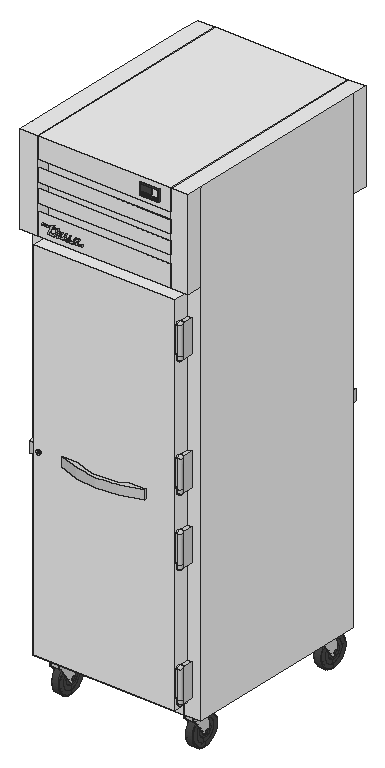
Revit family
Parameters
  Weight in Pounds = 0
  Watts = 1500 W
  Volts = 208 V
  URL Cutsheet = "www.truemfg.com"
  URL = "www.truemfg.com"
  Type Mark [instance] = ""
  Type Comments = ""
  Status [instance] = ""
  Specification by User [instance] = ""
  Specification by Manufacturer = ""
  Show Seismic Flanged [instance] = no
  Show Logo [instance] = yes
  Show Legs [instance] = no
  Show Clearance [instance] = yes
  Serial Number = ""
  Seismic Rating = ""
  Seismic Plate [instance] = and(Show Seismic Flanged, not(Show Casters))  # no
  SMACNA No = ""
  Revision Code [instance] = ""
  Phase = 1
  Omniclass Number and Title = ""
  Number of Poles [instance] = 1
  NAFEM Spec ID Number = ""
  Model = "STR1HPT-1S-1S"
  Min Ckt Ampacity = 0 A
  Max Overcurrent Protection = 0 A
  Masterspec = ""
  Manufacturer = "TRUE FOOD SERVICE EQUIPMENT, INC."
  Length = 27 1/2"
  Legs [instance] = or(Show Legs, Show Seismic Flanged)  # no
  Item Number [instance] = ""
  Installed By [instance] = ""
  Identify Quantity as Lot [instance] = yes
  Height = 77 3/4"
  HP = ""
  Furnished By [instance] = ""
  Foodservice Equipment Identifier [instance] = yes
  FL Amps = Watts / Volts  # 7.21154 A
  Electrical Remarks [instance] = ""
  Electric Connection Type [instance] = ""
  Elec Conn RI Height [instance] = 0"
  Elec Conn Connection Height [instance] = 0"
  Description = "Pass-thru Solid Front /Solid Rear Swing Door Heated Cabinet"
  Depth = 36 1/2"
  Cycle = 60 Hz
  Conn Plug = "5-15P"
  Conn Conduit = yes
  Show Casters [instance] = and(not(if(Show Legs, Show Legs, Show Legs)), not(if(Show Legs, Show Legs, Show Seismic Flanged)))  # yes
  CSI MasterFormat = ""
  CSI Master Format = ""
  Apparent Power = if(Phase = 3, Volts * FL Amps * 1.73, Volts * FL Amps)  # 1500 VA
Reference planes (in)
  plane 1: z = 0
  plane 2 "LEFT": x = 0
  plane 3 "RIGHT": x = 27.5
  plane 4 "FRONT": y = -33.75
  plane 5 "TOP": z = 84.125
  plane 6: z = 6.125
  plane 7: y = 2.75
Forms (in)
  Extrusion 1, solid, material "QF_Finishes_Chrome - Satin"
    sketch origin (0.05, 0, 0) x (1, 0, 0) y (0, 1, 0)
      loop
        line (-0.05, 0) -> (-0.05, -31) -> (2.80938, -31) -> (2.80938, 0) -> (-0.05, 0)
    from 6.125 to 84.125
  Extrusion 2, solid, material "QF_Finishes_Chrome - Satin"
    sketch origin (50.15, 0, 0) x (1, 0, 0) y (0, 1, 0)
      loop
        line (-25.50937, 0) -> (-25.50937, -31) -> (-22.65, -31) -> (-22.65, 0) -> (-25.50937, 0)
    from 6.125 to 84.125
  Extrusion 3, solid, material "QF_Finishes_Chrome - Satin"
    sketch origin (0, 0, 0) x (0, 1, 0) y (0, 0, 1)
      loop
        line (-33.5625, 69.5) -> (-31, 69.5) -> (-31, 64.875) -> (0, 64.875) -> (0, 69.5) -> (2.5625, 69.5) -> (2.5625, 73.1597) -> (0.49784, 71.69166) -> (0.49784, 72.96723) -> (2.5625, 74.43527) -> (2.5625, 76.53148) -> (0.49784, 75.06344) -> (0.49784, 76.0242) -> (2.5625, 77.49224) -> (2.5625, 79.62595) -> (0.49784, 78.15791) -> (0.49784, 79.28018) -> (2.5625, 80.74822) -> (2.5625, 84.125) -> (-33.5625, 84.125) -> (-33.5625, 80.68002) -> (-31.5, 79.21352) -> (-31.5, 78.09125) -> (-33.5625, 79.55776) -> (-33.5625, 77.42405) -> (-31.5, 75.95754) -> (-31.5, 74.99678) -> (-33.5625, 76.46328) -> (-33.5625, 74.36708) -> (-31.5, 72.90057) -> (-31.5, 71.625) -> (-33.5625, 73.09151) -> (-33.5625, 69.5)
      loop
        line (-31, 6.125) -> (0, 6.125) -> (0, 8.94743) -> (-31, 8.94743) -> (-31, 6.125)
    from 2.85938 to 24.64062
  Extrusion 4, solid, material "QF_Finishes_Chrome - Satin"
    sketch origin (0, 0, 0) x (1, 0, 0) y (0, 1, 0)
      loop
        line (27.45312, -31) -> (24.64062, -31) -> (24.64062, -33.5625) -> (27.45312, -33.5625) -> (27.45312, -31)
    from 69.5 to 84.125
  Extrusion 5, solid, material "QF_Finishes_Chrome - Satin"
    sketch origin (-50.125, 0, 0.25) x (1, 0, 0) y (0, 1, 0)
      loop
        line (52.98437, -31) -> (50.17188, -31) -> (50.17188, -33.5625) -> (52.98437, -33.5625) -> (52.98437, -31)
    from 69.25 to 83.875
  Extrusion 6, solid, material "QF_Finishes_Handrails and Railings", visible <- "Show Logo"
    sketch origin (0.33478, 1.08173, -6.73143) x (1, 0, 0) y (0, 0, 1)
      loop
        line (3.46044, 78.46231) -> (3.35478, 78.23573) -> (4.76027, 78.23573)
        arc (4.76027, 78.23573) -> (4.78879, 78.18528) -> (4.76027, 78.13484) r 0.05887
        line (4.76027, 78.13484) -> (4.39369, 77.34872)
        arc (4.39369, 77.34872) -> (4.39051, 77.27591) -> (4.43975, 77.22217) r 0.09523
        line (4.43975, 77.22217) -> (5.33844, 77.22217)
        arc (5.33844, 77.22217) -> (5.45192, 77.25795) -> (5.52436, 77.35235) r 0.19785
        line (5.52436, 77.35235) -> (5.81285, 77.97101) -> (6.0779, 77.97101)
        arc (6.0779, 77.97101) -> (6.14744, 77.94543) -> (6.13737, 77.87203) r 0.05911
        line (6.13737, 77.87203) -> (5.89598, 77.35437)
        arc (5.89598, 77.35437) -> (5.89974, 77.2684) -> (5.97231, 77.22217) r 0.09318
        line (5.97231, 77.22217) -> (6.76198, 77.22217)
        arc (6.76198, 77.22217) -> (6.82249, 77.24419) -> (6.85468, 77.29995) r 0.09412
        arc (6.85468, 77.29995) -> (6.87746, 77.24495) -> (6.93246, 77.22217) r 0.07778
        line (6.93246, 77.22217) -> (7.43246, 77.22217)
        arc (7.43246, 77.22217) -> (7.49022, 77.23765) -> (7.53251, 77.27993) r 0.11552
        arc (7.53251, 77.27993) -> (7.55275, 77.23106) -> (7.60162, 77.21081) r 0.06912
        line (7.60162, 77.21081) -> (8.31225, 77.21081)
        arc (8.31225, 77.21081) -> (8.37034, 77.23488) -> (8.39441, 77.29297) r 0.08216
        arc (8.39441, 77.29297) -> (8.44767, 77.23972) -> (8.52042, 77.22022) r 0.14551
        line (8.52042, 77.22022) -> (9.85158, 77.22022) -> (9.99946, 77.47634) -> (8.65678, 77.47634)
        arc (8.65678, 77.47634) -> (8.61972, 77.50204) -> (8.61834, 77.54711) r 0.05009
        line (8.61834, 77.54711) -> (8.64157, 77.59692)
        arc (8.64157, 77.59692) -> (8.67723, 77.64364) -> (8.73327, 77.66135) r 0.09747
        line (8.73327, 77.66135) -> (9.16485, 77.66135)
        arc (9.16485, 77.66135) -> (9.258, 77.68631) -> (9.32619, 77.7545) r 0.1863
        line (9.32619, 77.7545) -> (9.45119, 77.97101)
        arc (9.45119, 77.97101) -> (9.45119, 78.08657) -> (9.35111, 78.14434) r 0.11556
        line (9.35111, 78.14434) -> (8.89562, 78.14434)
        arc (8.89562, 78.14434) -> (8.7795, 78.12462) -> (8.69849, 78.03912) r 0.18605
        line (8.69849, 78.03912) -> (8.48204, 77.57493)
        arc (8.48204, 77.57493) -> (8.41815, 77.49167) -> (8.31806, 77.46011) r 0.1745
        line (8.31806, 77.46011) -> (7.84559, 77.46011)
        arc (7.84559, 77.46011) -> (7.78903, 77.52184) -> (7.79268, 77.60548) r 0.10939
        line (7.79268, 77.60548) -> (8.04395, 78.14434) -> (7.88403, 78.14434) -> (7.61781, 77.57344)
        arc (7.61781, 77.57344) -> (7.56609, 77.50603) -> (7.48505, 77.48048) r 0.14128
        line (7.48505, 77.48048) -> (7.15925, 77.48048)
        arc (7.15925, 77.48048) -> (7.10419, 77.55223) -> (7.116, 77.64189) r 0.11816
        line (7.116, 77.64189) -> (7.3503, 78.14434) -> (7.18514, 78.14434) -> (6.91546, 77.566)
        arc (6.91546, 77.566) -> (6.85285, 77.50339) -> (6.76733, 77.48048) r 0.17104
        line (6.76733, 77.48048) -> (6.29555, 77.48048)
        arc (6.29555, 77.48048) -> (6.21082, 77.51999) -> (6.20267, 77.61313) r 0.0935
        line (6.20267, 77.61313) -> (6.35774, 77.94569) -> (6.57695, 77.94569)
        arc (6.57695, 77.94569) -> (6.61395, 78.05717) -> (6.69267, 78.14434) r 0.2857
        line (6.69267, 78.14434) -> (5.83605, 78.14434)
        arc (5.83605, 78.14434) -> (5.74086, 78.12324) -> (5.67498, 78.05135) r 0.16212
        line (5.67498, 78.05135) -> (5.44279, 77.55341)
        arc (5.44279, 77.55341) -> (5.3894, 77.50002) -> (5.31647, 77.48048) r 0.14586
        line (5.31647, 77.48048) -> (4.80506, 77.48048)
        arc (4.80506, 77.48048) -> (4.76514, 77.53442) -> (4.77274, 77.60109) r 0.09155
        line (4.77274, 77.60109) -> (5.11018, 78.23573) -> (5.96155, 78.23573) -> (6.06721, 78.46231) -> (5.21584, 78.46231) -> (5.32149, 78.68888) -> (5.01862, 78.68888) -> (4.91297, 78.46231) -> (3.46044, 78.46231)
      loop
        arc (8.83805, 77.93863) -> (8.80119, 77.92875) -> (8.7742, 77.90176) r 0.07373
        line (8.7742, 77.90176) -> (8.75229, 77.83436)
        arc (8.75229, 77.83436) -> (8.76245, 77.80983) -> (8.78699, 77.79966) r 0.0347
        line (8.78699, 77.79966) -> (9.15948, 77.79966)
        arc (9.15948, 77.79966) -> (9.18632, 77.80561) -> (9.20812, 77.82234) r 0.0635
        line (9.20812, 77.82234) -> (9.22624, 77.90622)
        arc (9.22624, 77.90622) -> (9.22091, 77.92868) -> (9.20009, 77.93863) r 0.02676
        line (9.20009, 77.93863) -> (8.83805, 77.93863)
    from 34.64423 to 34.83173
  Extrusion 7, solid
    sketch origin (-25.125, 2.6875, 0) x (1, 0, 0) y (0, 0, 1)
      loop
        circle (49.375, 82) r 0.25
    from 0.23221 to 0.125
  Blend 8, solid, material "QF_Finishes_Handrails and Railings"
    base sketch origin (27.53125, 0.1875, -0.03527) x (-1, 0, 0) y (0, 0, -1)
      loop
        line (25.25, -38.99169) -> (26, -38.99169) -> (26, -37.24169) -> (25.25, -37.24169) -> (25.25, -38.99169)
    top sketch origin (27.53125, 0.1875, -0.03527) x (-1, 0, 0) y (0, 0, -1)
      loop
        line (26.18223, -36.6441) -> (25.25, -36.6441) -> (25.25, -39.42643) -> (26.18223, -39.42643) -> (26.18223, -36.6441)
    from 33.57883 to 31.1875
  Extrusion 9, solid, material "QF_Finishes_Handrails and Railings"
    sketch origin (26.21875, 0.1875, 0) x (0, 1, 0) y (0, 0, -1)
      loop
        line (-31.1875, -64.55229) -> (-31.1875, -59.23627) -> (-33.25, -59.23627) -> (-33.25, -59.94848) -> (-32.81497, -59.94848) -> (-32.81497, -64.34776)
        arc (-32.81497, -64.34776) -> (-32.75506, -64.49238) -> (-32.61044, -64.55229) r 0.20453
        line (-32.61044, -64.55229) -> (-31.1875, -64.55229)
    from 0.17506 to 1
  Revolve 10, solid, material "QF_Finishes_Handrails and Railings"
    sketch origin (25.71875, 0.1875, 0) x (0, 1, 0) y (0, 0, -1)
      loop
        line (-33.26563, -60.00189) -> (-33.67229, -60.00189) -> (-33.67229, -64.4736)
        arc (-33.67229, -64.4736) -> (-33.53722, -64.72557) -> (-33.26563, -64.81483) r 0.3848
        line (-33.26563, -64.81483) -> (-33.26563, -60.00189)
      loop
        line (-33.26563, -59.94848) -> (-33.26563, -59.04781)
        arc (-33.26563, -59.04781) -> (-33.53264, -59.13383) -> (-33.67229, -59.37712) r 0.38884
        line (-33.67229, -59.37712) -> (-33.67229, -59.94848) -> (-33.26563, -59.94848)
      axis (-33.26563, -59.04781) -> (-33.26563, -64.81483)
    angle from 0 to 360
  Extrusion 11, solid, material "QF_Finishes_Handrails and Railings"
    sketch origin (27.53125, 0.1875, 0) x (-1, 0, 0) y (0, 0, -1)
      loop
        line (1.91491, -64.4736) -> (2.3125, -64.4736) -> (2.3125, -60.00079) -> (1.91491, -60.00079) -> (1.91491, -64.4736)
    from 32.81497 to 33.59495
  Extrusion 12, solid, material "QF_Finishes_Handrails and Railings"
    sketch origin (26.21875, 0.1875, -19.5) x (0, 1, 0) y (0, 0, -1)
      loop
        line (-31.1875, -64.55229) -> (-31.1875, -59.23627) -> (-33.25, -59.23627) -> (-33.25, -59.94848) -> (-32.81497, -59.94848) -> (-32.81497, -64.34776)
        arc (-32.81497, -64.34776) -> (-32.75506, -64.49238) -> (-32.61044, -64.55229) r 0.20453
        line (-32.61044, -64.55229) -> (-31.1875, -64.55229)
    from 0.17506 to 1
  Revolve 13, solid, material "QF_Finishes_Handrails and Railings"
    sketch origin (25.71875, 0.1875, -19.5) x (0, 1, 0) y (0, 0, -1)
      loop
        line (-33.26563, -60.00189) -> (-33.67229, -60.00189) -> (-33.67229, -64.4736)
        arc (-33.67229, -64.4736) -> (-33.53722, -64.72557) -> (-33.26563, -64.81483) r 0.3848
        line (-33.26563, -64.81483) -> (-33.26563, -60.00189)
      loop
        line (-33.26563, -59.94848) -> (-33.26563, -59.04781)
        arc (-33.26563, -59.04781) -> (-33.53264, -59.13383) -> (-33.67229, -59.37712) r 0.38884
        line (-33.67229, -59.37712) -> (-33.67229, -59.94848) -> (-33.26563, -59.94848)
      axis (-33.26563, -59.04781) -> (-33.26563, -64.81483)
    angle from 0 to 360
  Extrusion 14, solid, material "QF_Finishes_Handrails and Railings"
    sketch origin (27.53125, 0.1875, -19.5) x (-1, 0, 0) y (0, 0, -1)
      loop
        line (1.91491, -64.4736) -> (2.3125, -64.4736) -> (2.3125, -60.00079) -> (1.91491, -60.00079) -> (1.91491, -64.4736)
    from 32.81497 to 33.59495
  Extrusion 15, solid, material "QF_Finishes_Handrails and Railings"
    sketch origin (26.21875, 0.1875, -30.5) x (0, 1, 0) y (0, 0, -1)
      loop
        line (-31.1875, -64.55229) -> (-31.1875, -59.23627) -> (-33.25, -59.23627) -> (-33.25, -59.94848) -> (-32.81497, -59.94848) -> (-32.81497, -64.34776)
        arc (-32.81497, -64.34776) -> (-32.75506, -64.49238) -> (-32.61044, -64.55229) r 0.20453
        line (-32.61044, -64.55229) -> (-31.1875, -64.55229)
    from 0.17506 to 1
  Revolve 16, solid, material "QF_Finishes_Handrails and Railings"
    sketch origin (25.71875, 0.1875, -30.5) x (0, 1, 0) y (0, 0, -1)
      loop
        line (-33.26563, -60.00189) -> (-33.67229, -60.00189) -> (-33.67229, -64.4736)
        arc (-33.67229, -64.4736) -> (-33.53722, -64.72557) -> (-33.26563, -64.81483) r 0.3848
        line (-33.26563, -64.81483) -> (-33.26563, -60.00189)
      loop
        line (-33.26563, -59.94848) -> (-33.26563, -59.04781)
        arc (-33.26563, -59.04781) -> (-33.53264, -59.13383) -> (-33.67229, -59.37712) r 0.38884
        line (-33.67229, -59.37712) -> (-33.67229, -59.94848) -> (-33.26563, -59.94848)
      axis (-33.26563, -59.04781) -> (-33.26563, -64.81483)
    angle from 0 to 360
  Extrusion 17, solid, material "QF_Finishes_Handrails and Railings"
    sketch origin (27.53125, 0.1875, -30.5) x (-1, 0, 0) y (0, 0, -1)
      loop
        line (1.91491, -64.4736) -> (2.3125, -64.4736) -> (2.3125, -60.00079) -> (1.91491, -60.00079) -> (1.91491, -64.4736)
    from 32.81497 to 33.59495
  Extrusion 18, solid, material "QF_Finishes_Handrails and Railings"
    sketch origin (26.21875, 0.1875, -50.25) x (0, 1, 0) y (0, 0, -1)
      loop
        line (-31.1875, -64.55229) -> (-31.1875, -59.23627) -> (-33.25, -59.23627) -> (-33.25, -59.94848) -> (-32.81497, -59.94848) -> (-32.81497, -64.34776)
        arc (-32.81497, -64.34776) -> (-32.75506, -64.49238) -> (-32.61044, -64.55229) r 0.20453
        line (-32.61044, -64.55229) -> (-31.1875, -64.55229)
    from 0.17506 to 1
  Revolve 19, solid, material "QF_Finishes_Handrails and Railings"
    sketch origin (25.71875, 0.1875, -50.25) x (0, 1, 0) y (0, 0, -1)
      loop
        line (-33.26563, -60.00189) -> (-33.67229, -60.00189) -> (-33.67229, -64.4736)
        arc (-33.67229, -64.4736) -> (-33.53722, -64.72557) -> (-33.26563, -64.81483) r 0.3848
        line (-33.26563, -64.81483) -> (-33.26563, -60.00189)
      loop
        line (-33.26563, -59.94848) -> (-33.26563, -59.04781)
        arc (-33.26563, -59.04781) -> (-33.53264, -59.13383) -> (-33.67229, -59.37712) r 0.38884
        line (-33.67229, -59.37712) -> (-33.67229, -59.94848) -> (-33.26563, -59.94848)
      axis (-33.26563, -59.04781) -> (-33.26563, -64.81483)
    angle from 0 to 360
  Extrusion 20, solid, material "QF_Finishes_Handrails and Railings"
    sketch origin (27.53125, 0.1875, -50.25) x (-1, 0, 0) y (0, 0, -1)
      loop
        line (1.91491, -64.4736) -> (2.3125, -64.4736) -> (2.3125, -60.00079) -> (1.91491, -60.00079) -> (1.91491, -64.4736)
    from 32.81497 to 33.59495
  Revolve 21, solid, material "QF_Finishes_Black", visible <- "Show Casters"
    sketch origin (22.65625, -27.375, 0) x (1, 0, 0) y (0, 0, 1)
      loop
        line (1.475, 5) -> (1.375, 4.9) -> (1.375, 4.29941) -> (1.53601, 4.29941) -> (1.53601, 3.54941) -> (1.375, 3.54941) -> (1.375, 2.79941) -> (0.975, 2.79941) -> (0.975, 2.5) -> (3.025, 2.5) -> (3.025, 2.79941) -> (2.62908, 2.79941) -> (2.62908, 3.54941) -> (2.46399, 3.54941) -> (2.46399, 4.29941) -> (2.62908, 4.29941) -> (2.62908, 4.89592) -> (2.525, 5) -> (1.475, 5)
      axis (3.025, 2.5) -> (0.975, 2.5)
    angle from 0 to 360
  Extrusion 22, solid, material "QF_Finishes_Handrails and Railings", visible <- "Show Casters"
    sketch origin (22.65625, 0, 0) x (0, 1, 0) y (0, 0, 1)
      loop
        line (-29.95136, 5.48574) -> (-29.95136, 4.88089) -> (-29.70136, 4.88089) -> (-27.95216, 2.18736)
        arc (-27.95216, 2.18736) -> (-27.23883, 1.94868) -> (-26.84581, 2.59003) r 0.60416
        line (-26.84581, 2.59003) -> (-27.20136, 5.48574) -> (-29.95136, 5.48574)
      loop
        line (-3.8577, 5.48574) -> (-3.8577, 4.88089) -> (-3.6077, 4.88089) -> (-1.8585, 2.18736)
        arc (-1.8585, 2.18736) -> (-1.14517, 1.94868) -> (-0.75215, 2.59003) r 0.60416
        line (-0.75215, 2.59003) -> (-1.1077, 5.48574) -> (-3.8577, 5.48574)
    from 1.175 to 1.325
  Extrusion 23, solid, material "QF_Finishes_Handrails and Railings", visible <- "Show Casters"
    sketch origin (24.15625, 0, 0) x (0, 1, 0) y (0, 0, 1)
      loop
        line (-29.95136, 5.48574) -> (-29.95136, 4.88089) -> (-29.70136, 4.88089) -> (-27.95216, 2.18736)
        arc (-27.95216, 2.18736) -> (-27.23883, 1.94868) -> (-26.84581, 2.59003) r 0.60416
        line (-26.84581, 2.59003) -> (-27.20136, 5.48574) -> (-29.95136, 5.48574)
      loop
        line (-3.8577, 5.48574) -> (-3.8577, 4.88089) -> (-3.6077, 4.88089) -> (-1.8585, 2.18736)
        arc (-1.8585, 2.18736) -> (-1.14517, 1.94868) -> (-0.75215, 2.59003) r 0.60416
        line (-0.75215, 2.59003) -> (-1.1077, 5.48574) -> (-3.8577, 5.48574)
    from 1.175 to 1.325
  Revolve 24, solid, material "QF_Finishes_Chrome - Satin", visible <- "Show Casters"
    sketch origin (22.65625, -28.57636, -0.5) x (1, 0, 0) y (0, 0, 1)
      loop
        line (2, 5.98574) -> (2, 6.625) -> (0.70293, 6.625) -> (0.70293, 5.98574) -> (2, 5.98574)
      axis (2, 5.98574) -> (2, 6.625)
    angle from 0 to 360
  Revolve 25, solid, material "QF_Finishes_Chrome - Satin", visible <- "Legs"
    sketch origin (22.65625, -2.69102, 0) x (1, 0, 0) y (0, 0, 1)
      loop
        line (2, 6.125) -> (0.66662, 6.125) -> (1.25, 1) -> (1.5, 1) -> (1.5, 0) -> (2, 0) -> (2, 6.125)
      axis (2, 0) -> (2, 6.125)
    angle from 0 to 360
  Revolve 26, solid, material "QF_Finishes_Chrome - Satin", visible <- "Legs"
    sketch origin (22.65625, -28.65977, 0) x (1, 0, 0) y (0, 0, 1)
      loop
        line (2, 6.125) -> (0.66662, 6.125) -> (1.25, 1) -> (1.5, 1) -> (1.5, 0) -> (2, 0) -> (2, 6.125)
      axis (2, 0) -> (2, 6.125)
    angle from 0 to 360
  Revolve 27, solid, material "QF_Finishes_Chrome - Satin", visible <- "Show Casters"
    sketch origin (22.65625, -2.4827, -0.5) x (1, 0, 0) y (0, 0, 1)
      loop
        line (2, 5.98574) -> (2, 6.625) -> (0.70293, 6.625) -> (0.70293, 5.98574) -> (2, 5.98574)
      axis (2, 5.98574) -> (2, 6.625)
    angle from 0 to 360
  Extrusion 28, solid, material "QF_Finishes_Handrails and Railings", visible <- "Show Casters"
    sketch origin (-25.125, 0, 0) x (0, 1, 0) y (0, 0, 1)
      loop
        line (-29.95136, 5.48574) -> (-29.95136, 4.88089) -> (-29.70136, 4.88089) -> (-27.16533, 5.19227) -> (-27.20136, 5.48574) -> (-29.95136, 5.48574)
      loop
        line (-3.8577, 5.48574) -> (-3.8577, 4.88089) -> (-3.6077, 4.88089) -> (-1.07167, 5.19227) -> (-1.1077, 5.48574) -> (-3.8577, 5.48574)
    from 49.10625 to 50.45625
  Revolve 29, solid, material "QF_Finishes_Black", visible <- "Show Casters"
    sketch origin (22.65625, -1.21875, 0) x (1, 0, 0) y (0, 0, 1)
      loop
        line (1.475, 5) -> (1.375, 4.9) -> (1.375, 4.29941) -> (1.53601, 4.29941) -> (1.53601, 3.54941) -> (1.375, 3.54941) -> (1.375, 2.79941) -> (0.975, 2.79941) -> (0.975, 2.5) -> (3.025, 2.5) -> (3.025, 2.79941) -> (2.62908, 2.79941) -> (2.62908, 3.54941) -> (2.46399, 3.54941) -> (2.46399, 4.29941) -> (2.62908, 4.29941) -> (2.62908, 4.89592) -> (2.525, 5) -> (1.475, 5)
      axis (3.025, 2.5) -> (0.975, 2.5)
    angle from 0 to 360
  Revolve 30, solid, material "QF_Finishes_Black", visible <- "Show Casters"
    sketch origin (0.84375, -27.375, 0) x (1, 0, 0) y (0, 0, 1)
      loop
        line (1.475, 5) -> (1.375, 4.9) -> (1.375, 4.29941) -> (1.53601, 4.29941) -> (1.53601, 3.54941) -> (1.375, 3.54941) -> (1.375, 2.79941) -> (0.975, 2.79941) -> (0.975, 2.5) -> (3.025, 2.5) -> (3.025, 2.79941) -> (2.62908, 2.79941) -> (2.62908, 3.54941) -> (2.46399, 3.54941) -> (2.46399, 4.29941) -> (2.62908, 4.29941) -> (2.62908, 4.89592) -> (2.525, 5) -> (1.475, 5)
      axis (3.025, 2.5) -> (0.975, 2.5)
    angle from 0 to 360
  Extrusion 31, solid, material "QF_Finishes_Handrails and Railings", visible <- "Show Casters"
    sketch origin (0.84375, 0, 0) x (0, 1, 0) y (0, 0, 1)
      loop
        line (-29.95136, 5.48574) -> (-29.95136, 4.88089) -> (-29.70136, 4.88089) -> (-27.95216, 2.18736)
        arc (-27.95216, 2.18736) -> (-27.23883, 1.94868) -> (-26.84581, 2.59003) r 0.60416
        line (-26.84581, 2.59003) -> (-27.20136, 5.48574) -> (-29.95136, 5.48574)
      loop
        line (-3.8577, 5.48574) -> (-3.8577, 4.88089) -> (-3.6077, 4.88089) -> (-1.8585, 2.18736)
        arc (-1.8585, 2.18736) -> (-1.14517, 1.94868) -> (-0.75215, 2.59003) r 0.60416
        line (-0.75215, 2.59003) -> (-1.1077, 5.48574) -> (-3.8577, 5.48574)
    from 1.175 to 1.325
  Extrusion 32, solid, material "QF_Finishes_Handrails and Railings", visible <- "Show Casters"
    sketch origin (2.34375, 0, 0) x (0, 1, 0) y (0, 0, 1)
      loop
        line (-29.95136, 5.48574) -> (-29.95136, 4.88089) -> (-29.70136, 4.88089) -> (-27.95216, 2.18736)
        arc (-27.95216, 2.18736) -> (-27.23883, 1.94868) -> (-26.84581, 2.59003) r 0.60416
        line (-26.84581, 2.59003) -> (-27.20136, 5.48574) -> (-29.95136, 5.48574)
      loop
        line (-3.8577, 5.48574) -> (-3.8577, 4.88089) -> (-3.6077, 4.88089) -> (-1.8585, 2.18736)
        arc (-1.8585, 2.18736) -> (-1.14517, 1.94868) -> (-0.75215, 2.59003) r 0.60416
        line (-0.75215, 2.59003) -> (-1.1077, 5.48574) -> (-3.8577, 5.48574)
    from 1.175 to 1.325
  Revolve 33, solid, material "QF_Finishes_Chrome - Satin", visible <- "Show Casters"
    sketch origin (0.84375, -28.57636, -0.5) x (1, 0, 0) y (0, 0, 1)
      loop
        line (2, 5.98574) -> (2, 6.625) -> (0.70293, 6.625) -> (0.70293, 5.98574) -> (2, 5.98574)
      axis (2, 5.98574) -> (2, 6.625)
    angle from 0 to 360
  Revolve 34, solid, material "QF_Finishes_Chrome - Satin", visible <- "Legs"
    sketch origin (0.84375, -2.69102, 0) x (1, 0, 0) y (0, 0, 1)
      loop
        line (2, 6.125) -> (0.66662, 6.125) -> (1.25, 1) -> (1.5, 1) -> (1.5, 0) -> (2, 0) -> (2, 6.125)
      axis (2, 0) -> (2, 6.125)
    angle from 0 to 360
  Revolve 35, solid, material "QF_Finishes_Chrome - Satin", visible <- "Legs"
    sketch origin (0.84375, -28.65977, 0) x (1, 0, 0) y (0, 0, 1)
      loop
        line (2, 6.125) -> (0.66662, 6.125) -> (1.25, 1) -> (1.5, 1) -> (1.5, 0) -> (2, 0) -> (2, 6.125)
      axis (2, 0) -> (2, 6.125)
    angle from 0 to 360
  Revolve 36, solid, material "QF_Finishes_Chrome - Satin", visible <- "Show Casters"
    sketch origin (0.84375, -2.4827, -0.5) x (1, 0, 0) y (0, 0, 1)
      loop
        line (2, 5.98574) -> (2, 6.625) -> (0.70293, 6.625) -> (0.70293, 5.98574) -> (2, 5.98574)
      axis (2, 5.98574) -> (2, 6.625)
    angle from 0 to 360
  Extrusion 37, solid, material "QF_Finishes_Handrails and Railings", visible <- "Show Casters"
    sketch origin (-46.9375, 0, 0) x (0, 1, 0) y (0, 0, 1)
      loop
        line (-29.95136, 5.48574) -> (-29.95136, 4.88089) -> (-29.70136, 4.88089) -> (-27.16533, 5.19227) -> (-27.20136, 5.48574) -> (-29.95136, 5.48574)
      loop
        line (-3.8577, 5.48574) -> (-3.8577, 4.88089) -> (-3.6077, 4.88089) -> (-1.07167, 5.19227) -> (-1.1077, 5.48574) -> (-3.8577, 5.48574)
    from 49.10625 to 50.45625
  Revolve 38, solid, material "QF_Finishes_Black", visible <- "Show Casters"
    sketch origin (0.84375, -1.21875, 0) x (1, 0, 0) y (0, 0, 1)
      loop
        line (1.475, 5) -> (1.375, 4.9) -> (1.375, 4.29941) -> (1.53601, 4.29941) -> (1.53601, 3.54941) -> (1.375, 3.54941) -> (1.375, 2.79941) -> (0.975, 2.79941) -> (0.975, 2.5) -> (3.025, 2.5) -> (3.025, 2.79941) -> (2.62908, 2.79941) -> (2.62908, 3.54941) -> (2.46399, 3.54941) -> (2.46399, 4.29941) -> (2.62908, 4.29941) -> (2.62908, 4.89592) -> (2.525, 5) -> (1.475, 5)
      axis (3.025, 2.5) -> (0.975, 2.5)
    angle from 0 to 360
  Extrusion 39, solid, material "QF_Finishes_Chrome - Satin"
    sketch origin (0, -31.375, 0) x (1, 0, 0) y (0, 1, 0)
      loop
        line (27.45312, 31.375) -> (27.45312, 33.9375) -> (24.64062, 33.9375) -> (24.64062, 31.375) -> (27.45312, 31.375)
    from 69.5 to 84.125
  Extrusion 40, solid, material "QF_Finishes_Chrome - Satin"
    sketch origin (-50.125, -31, 0.25) x (1, 0, 0) y (0, 1, 0)
      loop
        line (52.98437, 31) -> (52.98437, 33.5625) -> (50.17188, 33.5625) -> (50.17188, 31) -> (52.98437, 31)
    from 69.25 to 83.875
  Extrusion 41, solid, material "QF_Finishes_Handrails and Railings"
    sketch origin (1.28125, -31.17295, 0) x (0, -1, 0) y (0, 0, -1)
      loop
        line (-31.17295, -64.55229) -> (-31.17295, -59.23627) -> (-33.25, -59.23627) -> (-33.25, -59.94848) -> (-32.81497, -59.94848) -> (-32.81497, -64.34776)
        arc (-32.81497, -64.34776) -> (-32.75506, -64.49238) -> (-32.61044, -64.55229) r 0.20453
        line (-32.61044, -64.55229) -> (-31.17295, -64.55229)
    from 0.17506 to 1
  Revolve 42, solid, material "QF_Finishes_Handrails and Railings"
    sketch origin (1.78125, -31.17295, 0) x (0, -1, 0) y (0, 0, -1)
      loop
        line (-33.26563, -60.00189) -> (-33.67229, -60.00189) -> (-33.67229, -64.4736)
        arc (-33.67229, -64.4736) -> (-33.53722, -64.72557) -> (-33.26563, -64.81483) r 0.3848
        line (-33.26563, -64.81483) -> (-33.26563, -60.00189)
      loop
        line (-33.26563, -59.94848) -> (-33.26563, -59.04781)
        arc (-33.26563, -59.04781) -> (-33.53264, -59.13383) -> (-33.67229, -59.37712) r 0.38884
        line (-33.67229, -59.37712) -> (-33.67229, -59.94848) -> (-33.26563, -59.94848)
      axis (-33.26563, -59.04781) -> (-33.26563, -64.81483)
    angle from 0 to 360
  Extrusion 43, solid, material "QF_Finishes_Handrails and Railings"
    sketch origin (-0.03125, -31.17295, 0) x (1, 0, 0) y (0, 0, -1)
      loop
        line (1.91491, -64.4736) -> (2.3125, -64.4736) -> (2.3125, -60.00079) -> (1.91491, -60.00079) -> (1.91491, -64.4736)
    from 32.81497 to 33.59495
  Extrusion 44, solid, material "QF_Finishes_Handrails and Railings"
    sketch origin (1.28125, -31.17295, -19.5) x (0, -1, 0) y (0, 0, -1)
      loop
        line (-31.17295, -64.55229) -> (-31.17295, -59.23627) -> (-33.25, -59.23627) -> (-33.25, -59.94848) -> (-32.81497, -59.94848) -> (-32.81497, -64.34776)
        arc (-32.81497, -64.34776) -> (-32.75506, -64.49238) -> (-32.61044, -64.55229) r 0.20453
        line (-32.61044, -64.55229) -> (-31.17295, -64.55229)
    from 0.17506 to 1
  Revolve 45, solid, material "QF_Finishes_Handrails and Railings"
    sketch origin (1.78125, -31.17295, -19.5) x (0, -1, 0) y (0, 0, -1)
      loop
        line (-33.26563, -60.00189) -> (-33.67229, -60.00189) -> (-33.67229, -64.4736)
        arc (-33.67229, -64.4736) -> (-33.53722, -64.72557) -> (-33.26563, -64.81483) r 0.3848
        line (-33.26563, -64.81483) -> (-33.26563, -60.00189)
      loop
        line (-33.26563, -59.94848) -> (-33.26563, -59.04781)
        arc (-33.26563, -59.04781) -> (-33.53264, -59.13383) -> (-33.67229, -59.37712) r 0.38884
        line (-33.67229, -59.37712) -> (-33.67229, -59.94848) -> (-33.26563, -59.94848)
      axis (-33.26563, -59.04781) -> (-33.26563, -64.81483)
    angle from 0 to 360
  Extrusion 46, solid, material "QF_Finishes_Handrails and Railings"
    sketch origin (-0.03125, -31.17295, -19.5) x (1, 0, 0) y (0, 0, -1)
      loop
        line (1.91491, -64.4736) -> (2.3125, -64.4736) -> (2.3125, -60.00079) -> (1.91491, -60.00079) -> (1.91491, -64.4736)
    from 32.81497 to 33.59495
  Extrusion 47, solid, material "QF_Finishes_Handrails and Railings"
    sketch origin (1.28125, -31.17295, -30.5) x (0, -1, 0) y (0, 0, -1)
      loop
        line (-31.17295, -64.55229) -> (-31.17295, -59.23627) -> (-33.25, -59.23627) -> (-33.25, -59.94848) -> (-32.81497, -59.94848) -> (-32.81497, -64.34776)
        arc (-32.81497, -64.34776) -> (-32.75506, -64.49238) -> (-32.61044, -64.55229) r 0.20453
        line (-32.61044, -64.55229) -> (-31.17295, -64.55229)
    from 0.17506 to 1
  Revolve 48, solid, material "QF_Finishes_Handrails and Railings"
    sketch origin (1.78125, -31.17295, -30.5) x (0, -1, 0) y (0, 0, -1)
      loop
        line (-33.26563, -60.00189) -> (-33.67229, -60.00189) -> (-33.67229, -64.4736)
        arc (-33.67229, -64.4736) -> (-33.53722, -64.72557) -> (-33.26563, -64.81483) r 0.3848
        line (-33.26563, -64.81483) -> (-33.26563, -60.00189)
      loop
        line (-33.26563, -59.94848) -> (-33.26563, -59.04781)
        arc (-33.26563, -59.04781) -> (-33.53264, -59.13383) -> (-33.67229, -59.37712) r 0.38884
        line (-33.67229, -59.37712) -> (-33.67229, -59.94848) -> (-33.26563, -59.94848)
      axis (-33.26563, -59.04781) -> (-33.26563, -64.81483)
    angle from 0 to 360
  Extrusion 49, solid, material "QF_Finishes_Handrails and Railings"
    sketch origin (-0.03125, -31.17295, -30.5) x (1, 0, 0) y (0, 0, -1)
      loop
        line (1.91491, -64.4736) -> (2.3125, -64.4736) -> (2.3125, -60.00079) -> (1.91491, -60.00079) -> (1.91491, -64.4736)
    from 32.81497 to 33.59495
  Extrusion 50, solid, material "QF_Finishes_Handrails and Railings"
    sketch origin (1.28125, -31.17295, -50.25) x (0, -1, 0) y (0, 0, -1)
      loop
        line (-31.17295, -64.55229) -> (-31.17295, -59.23627) -> (-33.25, -59.23627) -> (-33.25, -59.94848) -> (-32.81497, -59.94848) -> (-32.81497, -64.34776)
        arc (-32.81497, -64.34776) -> (-32.75506, -64.49238) -> (-32.61044, -64.55229) r 0.20453
        line (-32.61044, -64.55229) -> (-31.17295, -64.55229)
    from 0.17506 to 1
  Revolve 51, solid, material "QF_Finishes_Handrails and Railings"
    sketch origin (1.78125, -31.17295, -50.25) x (0, -1, 0) y (0, 0, -1)
      loop
        line (-33.26563, -60.00189) -> (-33.67229, -60.00189) -> (-33.67229, -64.4736)
        arc (-33.67229, -64.4736) -> (-33.53722, -64.72557) -> (-33.26563, -64.81483) r 0.3848
        line (-33.26563, -64.81483) -> (-33.26563, -60.00189)
      loop
        line (-33.26563, -59.94848) -> (-33.26563, -59.04781)
        arc (-33.26563, -59.04781) -> (-33.53264, -59.13383) -> (-33.67229, -59.37712) r 0.38884
        line (-33.67229, -59.37712) -> (-33.67229, -59.94848) -> (-33.26563, -59.94848)
      axis (-33.26563, -59.04781) -> (-33.26563, -64.81483)
    angle from 0 to 360
  Extrusion 52, solid, material "QF_Finishes_Handrails and Railings"
    sketch origin (-0.03125, -31.17295, -50.25) x (1, 0, 0) y (0, 0, -1)
      loop
        line (1.91491, -64.4736) -> (2.3125, -64.4736) -> (2.3125, -60.00079) -> (1.91491, -60.00079) -> (1.91491, -64.4736)
    from 32.81497 to 33.59495
  Blend 53, solid, material "QF_Finishes_Handrails and Railings"
    base sketch origin (-0.03125, -31.17295, 0.48974) x (1, 0, 0) y (0, 0, -1)
      loop
        line (25.25, -38.99169) -> (26, -38.99169) -> (26, -37.24169) -> (25.25, -37.24169) -> (25.25, -38.99169)
    top sketch origin (-0.03125, -31.17295, 0.48974) x (1, 0, 0) y (0, 0, -1)
      loop
        line (26.18223, -36.6441) -> (25.25, -36.6441) -> (25.25, -39.42643) -> (26.18223, -39.42643) -> (26.18223, -36.6441)
    from 33.57883 to 31.17295
  Extrusion 54, solid, material "QF_Finishes_White"
    sketch origin (-23.16691, 1.06376, 1.58022) x (1, 0, 0) y (0, 0, 1)
      loop
        line (42.94232, 81.73227) -> (42.94232, 79.98496) -> (45.84857, 79.98496) -> (45.84857, 81.73227) -> (42.94232, 81.73227)
    from 34.62626 to 34.72001
  Extrusion 55, solid, material "QF_Finishes_Black"
    sketch origin (-23.16691, 1.06376, 1.58022) x (1, 0, 0) y (0, 0, 1)
      loop
        line (45.91107, 81.79477) -> (42.87982, 81.79477) -> (42.87982, 79.92246) -> (45.91107, 79.92246) -> (45.91107, 81.79477)
      loop
        spline (43.07982, 80.25372) -> (43.08833, 80.23754) -> (43.11331, 80.22247) -> (43.15304, 80.20952) -> (43.20482, 80.19959) -> (43.26511, 80.19335) -> (43.32982, 80.19122) -> (43.39452, 80.19335) -> (43.45482, 80.19959) -> (43.50659, 80.20952) -> (43.54632, 80.22247) -> (43.5713, 80.23754) -> (43.57982, 80.25372)
        spline (43.57982, 80.25372) -> (43.5713, 80.26989) -> (43.54632, 80.28497) -> (43.50659, 80.29791) -> (43.45482, 80.30784) -> (43.39452, 80.31409) -> (43.32982, 80.31622) -> (43.26511, 80.31409) -> (43.20482, 80.30784) -> (43.15304, 80.29791) -> (43.11331, 80.28497) -> (43.08833, 80.26989) -> (43.07982, 80.25372)
      loop
        spline (43.77583, 80.25372) -> (43.78435, 80.23754) -> (43.80932, 80.22247) -> (43.84905, 80.20952) -> (43.90083, 80.19959) -> (43.96112, 80.19335) -> (44.02583, 80.19122) -> (44.09053, 80.19335) -> (44.15083, 80.19959) -> (44.20261, 80.20952) -> (44.24234, 80.22247) -> (44.26731, 80.23754) -> (44.27583, 80.25372)
        spline (44.27583, 80.25372) -> (44.26731, 80.26989) -> (44.24234, 80.28497) -> (44.20261, 80.29791) -> (44.15083, 80.30784) -> (44.09053, 80.31409) -> (44.02583, 80.31622) -> (43.96112, 80.31409) -> (43.90083, 80.30784) -> (43.84905, 80.29791) -> (43.80932, 80.28497) -> (43.78435, 80.26989) -> (43.77583, 80.25372)
      loop
        spline (44.52583, 80.25372) -> (44.53435, 80.23754) -> (44.55932, 80.22247) -> (44.59905, 80.20952) -> (44.65083, 80.19959) -> (44.71112, 80.19335) -> (44.77583, 80.19122) -> (44.84053, 80.19335) -> (44.90083, 80.19959) -> (44.95261, 80.20952) -> (44.99234, 80.22247) -> (45.01731, 80.23754) -> (45.02583, 80.25372)
        spline (45.02583, 80.25372) -> (45.01731, 80.26989) -> (44.99234, 80.28497) -> (44.95261, 80.29791) -> (44.90083, 80.30784) -> (44.84053, 80.31409) -> (44.77583, 80.31622) -> (44.71112, 80.31409) -> (44.65083, 80.30784) -> (44.59905, 80.29791) -> (44.55932, 80.28497) -> (44.53435, 80.26989) -> (44.52583, 80.25372)
      loop
        line (43.07981, 81.59478) -> (43.07981, 80.59478) -> (44.77933, 80.59478) -> (44.77933, 81.59478) -> (43.07981, 81.59478)
      loop
        line (45.84857, 81.73227) -> (42.94232, 81.73227) -> (42.94232, 79.98496) -> (45.84857, 79.98496) -> (45.84857, 81.73227)
      loop
        spline (45.27583, 80.25372) -> (45.28435, 80.23754) -> (45.30932, 80.22247) -> (45.34905, 80.20952) -> (45.40083, 80.19959) -> (45.46112, 80.19335) -> (45.52583, 80.19122) -> (45.59053, 80.19335) -> (45.65083, 80.19959) -> (45.70261, 80.20952) -> (45.74234, 80.22247) -> (45.76731, 80.23754) -> (45.77583, 80.25372)
        spline (45.77583, 80.25372) -> (45.76731, 80.26989) -> (45.74234, 80.28497) -> (45.70261, 80.29791) -> (45.65083, 80.30784) -> (45.59053, 80.31409) -> (45.52583, 80.31622) -> (45.46112, 80.31409) -> (45.40083, 80.30784) -> (45.34905, 80.29791) -> (45.30932, 80.28497) -> (45.28435, 80.26989) -> (45.27583, 80.25372)
    from 34.62626 to 34.81376
  Extrusion 56, solid, material "QF_Finishes_Door Clearance", visible <- "Show Clearance", detail levels coarse
    sketch origin (26.42841, -3.6098, 0) x (1, 0, 0) y (0, 1, 0)
      loop
        line (-1.20966, -29.9527) -> (-24.14716, -29.9527)
        arc (-24.14716, -29.9527) -> (-17.47008, -46.2405) -> (-1.20966, -52.98395) r 22.91074
        line (-1.20966, -52.98395) -> (-1.20966, -29.9527)
      loop
        line (-24.14716, 6.1723) -> (-1.20966, 6.1723)
        arc (-1.20966, 6.1723) -> (-7.88967, 22.45717) -> (-24.14716, 29.20355) r 22.92064
        line (-24.14716, 29.20355) -> (-24.14716, 6.1723)
    from 8.03125 to 67.96875
  Extrusion 57, solid, material "QF_Finishes_Chrome - Satin"
    sketch origin (-25.125, -31, -0.71875) x (1, 0, 0) y (0, 0, -1)
      loop
        line (27.40625, -68.6875) -> (50.34375, -68.6875) -> (50.34375, -8.75) -> (27.40625, -8.75) -> (27.40625, -68.6875)
    from 31 to 33.5625
  Extrusion 58, solid, material "QF_Finishes_Chrome - Satin"
    sketch origin (-25.125, 0.1417, -0.71875) x (1, 0, 0) y (0, 0, 1)
      loop
        line (27.40625, 8.75) -> (50.34375, 8.75) -> (50.34375, 68.6875) -> (27.40625, 68.6875) -> (27.40625, 8.75)
    from 31.1417 to 33.7042
  Extrusion 59, solid, material "QF_Finishes_Handrails and Railings"
    sketch origin (-33.325, -30.9375, 26.37269) x (-1, 0, 0) y (0, -1, 0)
      loop
        line (-53.875, -33.5) -> (-53.875, -33.7122)
        arc (-53.875, -33.7122) -> (-47.075, -35.15625) -> (-40.275, -33.7122) r 16.7325
        line (-40.275, -33.7122) -> (-40.275, -33.5) -> (-42.65351, -33.5)
        arc (-42.65351, -33.5) -> (-47.075, -34.67036) -> (-51.49649, -33.5) r 8.93715
        line (-51.49649, -33.5) -> (-53.875, -33.5)
    from 10.87731 to 12.37731
  Extrusion 60, solid, material "QF_Finishes_Handrails and Railings"
    sketch origin (50.875, -31.19658, -2.0625) x (-1, 0, 0) y (0, 0, 1)
      loop
        circle (26.4375, 40.0625) r 0.35
      loop
        line (26.47265, 40.33635) -> (26.41715, 40.33635) -> (26.41715, 39.76895) -> (26.47265, 39.76895) -> (26.47265, 40.33635)
    from 33.75908 to 33.82158
  Extrusion 61, solid, material "QF_Finishes_Chrome - Satin", visible <- "Seismic Plate"
    sketch origin (-0.22541, -26.96562, 0) x (1, 0, 0) y (0, 1, 0)
      loop
        circle (3.06916, -1.69416) r 1.5
    from 0 to 0.25
  Extrusion 62, solid, material "QF_Finishes_Chrome - Satin", visible <- "Seismic Plate"
    sketch origin (-0.22541, -0.99687, 0) x (1, 0, 0) y (0, 1, 0)
      loop
        circle (3.06916, -1.69416) r 1.5
    from 0 to 0.25
  Extrusion 63, solid, material "QF_Finishes_Chrome - Satin", visible <- "Seismic Plate"
    sketch origin (21.58709, -0.99687, 0) x (1, 0, 0) y (0, 1, 0)
      loop
        circle (3.06916, -1.69416) r 1.5
    from 0 to 0.25
  Extrusion 64, solid, material "QF_Finishes_Chrome - Satin", visible <- "Seismic Plate"
    sketch origin (21.58709, -26.96562, 0) x (1, 0, 0) y (0, 1, 0)
      loop
        circle (3.06916, -1.69416) r 1.5
    from 0 to 0.25
  Extrusion 65, solid, material "QF_Finishes_Handrails and Railings"
    sketch origin (60.825, -0.0625, 26.37269) x (1, 0, 0) y (0, 1, 0)
      loop
        line (-53.875, -33.5) -> (-53.875, -33.7122)
        arc (-53.875, -33.7122) -> (-47.075, -35.15625) -> (-40.275, -33.7122) r 16.7325
        line (-40.275, -33.7122) -> (-40.275, -33.5) -> (-42.65351, -33.5)
        arc (-42.65351, -33.5) -> (-47.075, -34.67036) -> (-51.49649, -33.5) r 8.93715
        line (-51.49649, -33.5) -> (-53.875, -33.5)
    from 10.87731 to 12.37731
  Extrusion 66, solid, material "QF_Finishes_Handrails and Railings"
    sketch origin (-23.375, 0.19658, -2.0625) x (1, 0, 0) y (0, 0, 1)
      loop
        circle (26.4375, 40.0625) r 0.35
      loop
        line (26.47265, 40.33635) -> (26.41715, 40.33635) -> (26.41715, 39.76895) -> (26.47265, 39.76895) -> (26.47265, 40.33635)
    from 33.75908 to 33.82158
Cuts and joins
  joined: Extrusion 1, Extrusion 2, Extrusion 4, Extrusion 5, Extrusion 39, Extrusion 40
Lines and regions (in)
  symbolic lines
    curve 1: line (0, 0, 0) -> (27.5, 0, 0)
    curve 2: line (0, -33.5625, 0) -> (0, 2.5625, 0)
    curve 3: line (27.5, -33.5625, 0) -> (0, -33.5625, 0)
    curve 4: line (27.5, 2.5625, 0) -> (27.5, -33.5625, 0)
    curve 5: line (27.5, -31, 0) -> (0, -31, 0)
    curve 7: line (0, 2.5625, 0) -> (27.5, 2.5625, 0)
    curve 8: line (3.68957, -33.75, 0) -> (10.33424, -33.75, 0)
    curve 9: line (3.68957, -33.5625, 0) -> (3.68957, -33.75, 0)
    curve 10: line (10.33424, -33.5625, 0) -> (10.33424, -33.75, 0)
    curve 11: line (19.7129, -33.5625, 0) -> (19.7129, -33.75, 0)
    curve 12: line (22.74415, -33.75, 0) -> (22.74415, -33.5625, 0)
    curve 13: line (19.7129, -33.75, 0) -> (22.74415, -33.75, 0)
    curve 14: line (23.81043, 2.75, 0) -> (17.16576, 2.75, 0)
    curve 15: line (23.81043, 2.5625, 0) -> (23.81043, 2.75, 0)
    curve 16: line (17.16576, 2.5625, 0) -> (17.16576, 2.75, 0)
    curve 36: arc (20.5625, 2.7747, 0) -> (13.7625, 4.21875, 0) -> (6.9625, 2.7747, 0) r 16.7325
    curve 37: arc (9.34101, 2.5625, 0) -> (13.56531, 3.73068, 0) -> (17.83704, 2.75, 0) r 8.93715
    curve 38: line (6.9625, 2.7747, 0) -> (6.9625, 2.5625, 0)
    curve 39: arc (6.8125, -33.7747, 0) -> (13.6125, -35.21875, 0) -> (20.4125, -33.7747, 0) r 16.7325
    curve 40: arc (18.03399, -33.5625, 0) -> (13.80969, -34.73068, 0) -> (9.53796, -33.75, 0) r 8.93715
  symbolic lines, style "QF_Door Swings", visible <- "Show Clearance", detail levels coarse
    curve 6: line (25.21875, -33.5625, 0) -> (25.21875, -56.59375, 0)
    curve 33: arc (25.21875, -56.59375, 0) -> (8.95833, -49.85029, 0) -> (2.28125, -33.5625, 0) r 22.91074
    curve 34: line (2.28125, 2.5625, 0) -> (2.28125, 25.59375, 0)
    curve 35: arc (2.28125, 25.59375, 0) -> (18.53874, 18.84737, 0) -> (25.21875, 2.5625, 0) r 22.92064
  symbolic lines, style "SpecialityEquipmentHiddenLines", visible <- "Show Casters"
    curve 17: line (3.55276, -24.89642, 0) -> (4.63882, -25.52346, 0)
    curve 18: line (1.05276, -29.22654, 0) -> (3.55276, -24.89642, 0)
    curve 19: line (2.13882, -29.85358, 0) -> (1.05276, -29.22654, 0)
    curve 20: line (4.63882, -25.52346, 0) -> (2.13882, -29.85358, 0)
    curve 21: line (25.36526, -24.89642, 0) -> (26.45132, -25.52346, 0)
    curve 22: line (22.86526, -29.22654, 0) -> (25.36526, -24.89642, 0)
    curve 23: line (23.95132, -29.85358, 0) -> (22.86526, -29.22654, 0)
    curve 24: line (26.45132, -25.52346, 0) -> (23.95132, -29.85358, 0)
    curve 25: line (3.55276, -1.14642, 0) -> (4.63882, -1.77346, 0)
    curve 26: line (1.05276, -5.47654, 0) -> (3.55276, -1.14642, 0)
    curve 27: line (2.13882, -6.10358, 0) -> (1.05276, -5.47654, 0)
    curve 28: line (4.63882, -1.77346, 0) -> (2.13882, -6.10358, 0)
    curve 29: line (25.36526, -1.14642, 0) -> (26.45132, -1.77346, 0)
    curve 30: line (22.86526, -5.47654, 0) -> (25.36526, -1.14642, 0)
    curve 31: line (23.95132, -6.10358, 0) -> (22.86526, -5.47654, 0)
    curve 32: line (26.45132, -1.77346, 0) -> (23.95132, -6.10358, 0)
Dimensions and locks (in)
  plane 6 to level = 6 1/8"
  plane 5 "TOP" to level = 84 1/8"
  plane 5 "TOP" to plane 6 = 78"
  "Length": plane 2 "LEFT" to plane 3 "RIGHT"
  "Depth": plane 4 "FRONT" to plane 7
  plane 3 "RIGHT" to plane 2 "LEFT" = 27 1/2"  (x2)
  cut or joined group of Extrusion 1, Extrusion 2, Extrusion 4, Extrusion 5, Extrusion 39, Extrusion 40 to cut or joined group of Extrusion 1, Extrusion 2, Extrusion 4, Extrusion 5, Extrusion 39, Extrusion 40 = 2 13/16"  (x2)
  cut or joined group of Extrusion 1, Extrusion 2, Extrusion 4, Extrusion 5, Extrusion 39, Extrusion 40 to cut or joined group of Extrusion 1, Extrusion 2, Extrusion 4, Extrusion 5, Extrusion 39, Extrusion 40 = 27 13/32"  (x2)
  plane 4 "FRONT" to plane 7 = 36 1/2"
  cut or joined group of Extrusion 1, Extrusion 2, Extrusion 4, Extrusion 5, Extrusion 39, Extrusion 40 to cut or joined group of Extrusion 1, Extrusion 2, Extrusion 4, Extrusion 5, Extrusion 39, Extrusion 40 = 31"
  Extrusion 58 to Extrusion 58 = 22 15/16"
  Extrusion 65 to Extrusion 58 = 29 7/32"
  Extrusion 58 to Extrusion 65 = 29 7/32"
  Extrusion 57 to Extrusion 57 = 22 15/16"
  Extrusion 57 to Extrusion 59 = 29 7/32"
  Extrusion 59 to Extrusion 57 = 29 7/32"
  aligned and locked: level to plane 1
Automatic sketch dimensions
  curve 1 to plane 2 "LEFT" = 0"
  plane 4 "FRONT" to curve 9 = 0"
  plane 7 to curve 14 = 0"
  plane 4 "FRONT" to curve 11 = 0"
  curve 4 to plane 3 "RIGHT" = 0"
  plane 2 "LEFT" to curve 18 = 1.05276"
  plane 2 "LEFT" to curve 27 = 1.05276"
  curve 18 to curve 20 = 1.08606"
  curve 26 to curve 28 = 1.08606"
  curve 33 to plane 4 "FRONT" = 3/16"
  curve 2 to curve 33 = 2 9/32"
  plane 2 "LEFT" to curve 35 = 2 9/32"
  curve 34 to curve 35 = 0.01713"
  plane 2 "LEFT" to curve 18 = 3.55276"
  plane 2 "LEFT" to curve 26 = 3.55276"
  plane 4 "FRONT" to curve 39 = 0.0247"  (x2)
  curve 39 to curve 40 = 2.72546"
  curve 36 to plane 7 = 0.0247"  (x2)
  curve 25 to curve 36 = 2.32368"
  curve 40 to curve 10 = 0.79628"
  curve 17 to curve 39 = 8.97368"
  curve 17 to curve 40 = 8.97368"
  plane 7 to curve 37 = 3/16"
  curve 38 to curve 37 = 2.37851"
  curve 10 to curve 40 = 7.69975"
  curve 37 to curve 37 = 4.42149"
  curve 36 to curve 37 = 0"
  curve 37 to curve 14 = 7.82475"
  curve 11 to curve 39 = 0.69959"
  curve 14 to curve 37 = 0.67128"
  curve 11 to curve 13 = 3 1/32"
  curve 12 to curve 23 = 31/256"
  curve 30 to plane 3 "RIGHT" = 4.63474"
  curve 36 to curve 15 = 3.24793"
  curve 22 to curve 24 = 1.08606"
  curve 30 to curve 32 = 1.08606"
  curve 33 to plane 4 "FRONT" = 0.06697"
  curve 33 to plane 3 "RIGHT" = 2.30833"
  curve 33 to curve 6 = 0.02708"
  curve 15 to curve 35 = 1.40832"
  curve 22 to plane 3 "RIGHT" = 2.13474"
  curve 30 to plane 3 "RIGHT" = 2.13474"
  curve 2 to curve 5 = 2 9/16"
  curve 5 to curve 19 = 1.14642"
  curve 5 to curve 24 = 1.14642"
  curve 23 to curve 22 = 0.62704"
  curve 19 to curve 18 = 0.62704"
  curve 40 to curve 39 = 7.30945"
  curve 36 to curve 37 = 7.30945"
  curve 28 to curve 34 = 8.66608"
  curve 32 to curve 37 = 0.89929"
  curve 31 to curve 31 = 0.62704"
  curve 27 to curve 27 = 0.62704"
  curve 29 to curve 1 = 1 99/128"
  plane 7 to curve 35 = 0.07688"
  Extrusion 1 sketch curve to plane 2 "LEFT" = 0"
  plane 2 "LEFT" to Extrusion 1 sketch curve = 2 55/64"
  Extrusion 1 sketch curve to plane 4 "FRONT" = 2 3/4"
  plane 7 to Extrusion 1 sketch curve = 2 3/4"
  Extrusion 2 sketch curve to plane 3 "RIGHT" = 0"
  Extrusion 2 sketch curve to plane 3 "RIGHT" = 2 55/64"
  Extrusion 2 sketch curve to plane 4 "FRONT" = 2 3/4"
  plane 7 to Extrusion 2 sketch curve = 2 3/4"
  Extrusion 3 sketch curve to plane 5 "TOP" = 0"
  Extrusion 3 sketch curve to plane 4 "FRONT" = 3/16"  (x4)
  Extrusion 3 sketch curve to plane 4 "FRONT" = 2 1/4"
  Extrusion 3 sketch curve to Extrusion 3 sketch curve = 0"  (x3)
  Extrusion 3 sketch curve to plane 6 = 0"
  Extrusion 3 sketch curve to plane 4 "FRONT" = 2 3/4"
  Extrusion 3 sketch curve to Extrusion 3 sketch curve = 1/2"
  plane 7 to Extrusion 3 sketch curve = 2 3/4"  (x2)
  plane 7 to Extrusion 3 sketch curve = 2.25216"  (x2)
  plane 7 to Extrusion 3 sketch curve = 3/16"  (x4)
  plane 6 to Extrusion 3 sketch curve = 2.82243"
  Extrusion 3 sketch curve to plane 5 "TOP" = 19 1/4"
  Extrusion 3 sketch curve to Extrusion 3 sketch curve = 4 5/8"  (x2)
  Extrusion 3 sketch curve to Extrusion 3 sketch curve = 2 1/8"
  Extrusion 3 sketch curve to Extrusion 3 sketch curve = 2.19166"
  Extrusion 3 sketch curve to Extrusion 3 sketch curve = 1.27557"  (x4)
  Extrusion 3 sketch curve to Extrusion 3 sketch curve = 0.19093"
  Extrusion 3 sketch curve to Extrusion 3 sketch curve = 0.19247"
  Extrusion 3 sketch curve to Extrusion 3 sketch curve = 2.0962"  (x4)
  Extrusion 3 sketch curve to Extrusion 3 sketch curve = 0.96076"  (x4)
  Extrusion 3 sketch curve to Extrusion 3 sketch curve = 2.13371"  (x2)
  Extrusion 3 sketch curve to Extrusion 3 sketch curve = 1.12227"  (x4)
  Extrusion 3 sketch curve to Extrusion 3 sketch curve = 0.34424"
  Extrusion 3 sketch curve to Extrusion 3 sketch curve = 0.34577"
  Extrusion 4 sketch curve to plane 3 "RIGHT" = 2 55/64"
  Extrusion 4 sketch curve to plane 3 "RIGHT" = 3/64"
  Extrusion 4 sketch curve to plane 4 "FRONT" = 3/16"
  Extrusion 4 sketch curve to Extrusion 4 sketch curve = 2 9/16"
  plane 2 "LEFT" to Extrusion 5 sketch curve = 3/64"
  Extrusion 5 sketch curve to plane 4 "FRONT" = 3/16"
  Extrusion 5 sketch curve to Extrusion 5 sketch curve = 2 13/16"
  Extrusion 5 sketch curve to Extrusion 5 sketch curve = 2 9/16"
  plane 2 "LEFT" to Extrusion 6 sketch curve = 3.68957"
  Extrusion 6 sketch curve to Extrusion 6 sketch curve = 0.10565"  (x5)
  Extrusion 6 sketch curve to Extrusion 6 sketch curve = 1.03891"
  Extrusion 6 sketch curve to Extrusion 6 sketch curve = 0.04606"
  Extrusion 6 sketch curve to Extrusion 6 sketch curve = 0.04025"
  Extrusion 6 sketch curve to Extrusion 6 sketch curve = 0.33624"
  Extrusion 6 sketch curve to Extrusion 6 sketch curve = 0.03034"  (x2)
  Extrusion 6 sketch curve to Extrusion 6 sketch curve = 0.29274"
  Extrusion 6 sketch curve to Extrusion 6 sketch curve = 0.03232"
  Extrusion 6 sketch curve to Extrusion 6 sketch curve = 0.08083"
  Extrusion 6 sketch curve to Extrusion 6 sketch curve = 0.1527"
  Extrusion 6 sketch curve to Extrusion 6 sketch curve = 0.19721"
  Extrusion 6 sketch curve to Extrusion 6 sketch curve = 0.4629"
  Extrusion 6 sketch curve to Extrusion 6 sketch curve = 0.02197"
  Extrusion 6 sketch curve to Extrusion 6 sketch curve = 0.12632"
  Extrusion 6 sketch curve to Extrusion 6 sketch curve = 0.18591"
  Extrusion 6 sketch curve to Extrusion 6 sketch curve = 0.2322"
  Extrusion 6 sketch curve to Extrusion 6 sketch curve = 0.13786"
  Extrusion 6 sketch curve to Extrusion 6 sketch curve = 0.00907"
  Extrusion 6 sketch curve to Extrusion 6 sketch curve = 0.01413"
  Extrusion 6 sketch curve to Extrusion 6 sketch curve = 0.37162"
  Extrusion 6 sketch curve to Extrusion 6 sketch curve = 0.12551"
  Extrusion 6 sketch curve to Extrusion 6 sketch curve = 0.07633"
  Extrusion 6 sketch curve to Extrusion 6 sketch curve = 0.08445"
  Extrusion 6 sketch curve to Extrusion 6 sketch curve = 0.25598"
  Extrusion 6 sketch curve to Extrusion 6 sketch curve = 0.01887"
  Extrusion 6 sketch curve to Extrusion 6 sketch curve = 0.04061"
  Extrusion 6 sketch curve to Extrusion 6 sketch curve = 0.0653"
  Extrusion 6 sketch curve to Extrusion 6 sketch curve = 0.08474"
  Extrusion 6 sketch curve to Extrusion 6 sketch curve = 0.00815"
  Extrusion 6 sketch curve to Extrusion 6 sketch curve = 0.22037"
  Extrusion 6 sketch curve to Extrusion 6 sketch curve = 0.21921"
  Extrusion 6 sketch curve to Extrusion 6 sketch curve = 0.11572"
  Extrusion 6 sketch curve to Extrusion 6 sketch curve = 0.46643"
  Extrusion 6 sketch curve to Extrusion 6 sketch curve = 0.00535"
  Extrusion 6 sketch curve to Extrusion 6 sketch curve = 0.09269"
  Extrusion 6 sketch curve to Extrusion 6 sketch curve = 0.09348"
  Extrusion 6 sketch curve to Extrusion 6 sketch curve = 0.14812"
  Extrusion 6 sketch curve to Extrusion 6 sketch curve = 0.07778"  (x3)
  Extrusion 6 sketch curve to Extrusion 6 sketch curve = 0.20054"
  Extrusion 6 sketch curve to Extrusion 6 sketch curve = 0.04325"
  Extrusion 6 sketch curve to Extrusion 6 sketch curve = 0.32433"
  Extrusion 6 sketch curve to Extrusion 6 sketch curve = 0.10233"  (x2)
  Extrusion 6 sketch curve to Extrusion 6 sketch curve = 0.16515"
  Extrusion 6 sketch curve to Extrusion 6 sketch curve = 0.27321"
  Extrusion 6 sketch curve to Extrusion 6 sketch curve = 0.0526"
  Extrusion 6 sketch curve to Extrusion 6 sketch curve = 0.10005"
  Extrusion 6 sketch curve to Extrusion 6 sketch curve = 0.06912"
  Extrusion 6 sketch curve to Extrusion 6 sketch curve = 0.13276"
  Extrusion 6 sketch curve to Extrusion 6 sketch curve = 0.17486"
  Extrusion 6 sketch curve to Extrusion 6 sketch curve = 0.05291"
  Extrusion 6 sketch curve to Extrusion 6 sketch curve = 0.53374"
  Extrusion 6 sketch curve to Extrusion 6 sketch curve = 0.09914"  (x2)
  Extrusion 6 sketch curve to Extrusion 6 sketch curve = 0.15992"
  Extrusion 6 sketch curve to Extrusion 6 sketch curve = 0.46666"
  Extrusion 6 sketch curve to Extrusion 6 sketch curve = 0.00582"
  Extrusion 6 sketch curve to Extrusion 6 sketch curve = 0.08216"
  Extrusion 6 sketch curve to Extrusion 6 sketch curve = 0.16397"
  Extrusion 6 sketch curve to Extrusion 6 sketch curve = 0.12601"
  Extrusion 6 sketch curve to Extrusion 6 sketch curve = 0.1363"
  Extrusion 6 sketch curve to Extrusion 6 sketch curve = 0.02323"
  Extrusion 6 sketch curve to Extrusion 6 sketch curve = 0.03844"
  Extrusion 6 sketch curve to Extrusion 6 sketch curve = 0.0454"
  Extrusion 6 sketch curve to Extrusion 6 sketch curve = 0.05693"
  Extrusion 6 sketch curve to Extrusion 6 sketch curve = 0.0917"
  Extrusion 6 sketch curve to Extrusion 6 sketch curve = 0.01902"
  Extrusion 6 sketch curve to Extrusion 6 sketch curve = 0.02191"
  Extrusion 6 sketch curve to Extrusion 6 sketch curve = 0.0347"
  Extrusion 6 sketch curve to Extrusion 6 sketch curve = 0.06385"
  Extrusion 6 sketch curve to Extrusion 6 sketch curve = 0.02906"
  Extrusion 6 sketch curve to Extrusion 6 sketch curve = 0.02851"
  Extrusion 6 sketch curve to Extrusion 6 sketch curve = 0.29237"
  Extrusion 6 sketch curve to Extrusion 6 sketch curve = 0.00537"
  Extrusion 6 sketch curve to Extrusion 6 sketch curve = 0.0406"
  Extrusion 6 sketch curve to Extrusion 6 sketch curve = 0.04327"
  Extrusion 6 sketch curve to Extrusion 6 sketch curve = 0.02615"
  Extrusion 6 sketch curve to Extrusion 6 sketch curve = 0.11806"
  Extrusion 6 sketch curve to Extrusion 6 sketch curve = 0.15103"
  Extrusion 6 sketch curve to Extrusion 6 sketch curve = 0.10007"
  Extrusion 6 sketch curve to Extrusion 6 sketch curve = 0.5254"
  Extrusion 6 sketch curve to Extrusion 6 sketch curve = 0.14787"
  Extrusion 6 sketch curve to plane 5 "TOP" = 13.64562"
  Extrusion 6 sketch curve to Extrusion 6 sketch curve = 0.07275"
  Extrusion 6 sketch curve to Extrusion 6 sketch curve = 0.05776"
  Extrusion 6 sketch curve to Extrusion 6 sketch curve = 0.08631"
  Extrusion 6 sketch curve to Extrusion 6 sketch curve = 0.09282"
  Extrusion 6 sketch curve to Extrusion 6 sketch curve = 0.13018"
  Extrusion 6 sketch curve to Extrusion 6 sketch curve = 0.16714"
  Extrusion 6 sketch curve to Extrusion 6 sketch curve = 0.11061"
  Extrusion 6 sketch curve to Extrusion 6 sketch curve = 0.06046"
  Extrusion 6 sketch curve to Extrusion 6 sketch curve = 0.16548"
  Extrusion 6 sketch curve to Extrusion 6 sketch curve = 0.14279"
  Extrusion 6 sketch curve to Extrusion 6 sketch curve = 0.0496"
  Extrusion 6 sketch curve to Extrusion 6 sketch curve = 0.07293"
  Extrusion 6 sketch curve to Extrusion 6 sketch curve = 0.07764"
  Extrusion 6 sketch curve to Extrusion 6 sketch curve = 0.03794"
  Extrusion 6 sketch curve to Extrusion 6 sketch curve = 0.08552"
  Extrusion 6 sketch curve to Extrusion 6 sketch curve = 0.09296"
  Extrusion 6 sketch curve to Extrusion 6 sketch curve = 0.09314"
  Extrusion 6 sketch curve to Extrusion 6 sketch curve = 0.02781"
  Extrusion 6 sketch curve to Extrusion 6 sketch curve = 0.04981"
  Extrusion 6 sketch curve to Extrusion 6 sketch curve = 0.09315"
  Extrusion 6 sketch curve to Extrusion 6 sketch curve = 0.04799"
  Extrusion 6 sketch curve to Extrusion 6 sketch curve = 0.02531"
  Extrusion 6 sketch curve to Extrusion 6 sketch curve = 0.03054"
  Extrusion 6 sketch curve to Extrusion 6 sketch curve = 0.2589"
